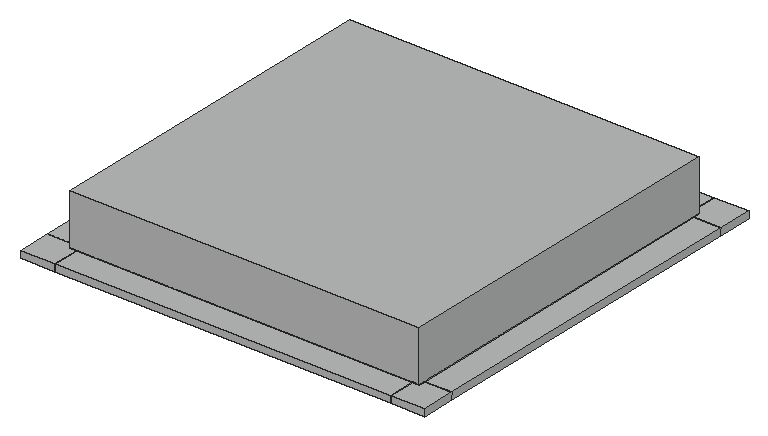
Revit family "ALUMOGIPS", category Осветительные приборы, Revit 2019 (continued)
Types (72, lengths in mm): name | Файл фотометрической сетки | built-in parameter 1150105 | Lumens | built-in parameter 1150106 | built-in parameter 1150142 | Wattage | Emit from Rectangle Width | Emit from Rectangle Length | Длина | Материал светильника | Ширина | ADSK_Ток | ADSK_Полная мощность | ADSK_Обозначение | ADSK_Номинальная мощность | ADSK_Наименование | ADSK_Масса | ADSK_Код изделия
    157 2.059 2.059 1.960 1.862 \r\n1.764 1.667 1.569 1.470 1.470 1.372 1.274 1.177 1.078 0.980 0.882 0.882 0.784 0.687 0.588 0.490 0.392 0.294 0.294 0.196 0.098 0.000 \r\n2755.907 2756.102 2750.516 2742.478 2726.793 2707.875 2684.742 2656.022 2623.674 2585.641 2542.609 2496.833 2448.116 2395.575 2338.624 2279.027 2217.664 2151.205 \r\n2083.275 2012.993 1940.750 1866.351 1789.893 1711.966 1632.273 1550.915 1468.575 1385.060 1298.604 1210.776 1124.908 1038.158 951.211 864.462 777.614 691.942 606.957 523.637 \r\n442.670 364.546 290.147 219.963 152.818 92.435 38.327 3.823 3.725 3.627 3.529 3.431 3.332 3.332 3.234 3.137 3.039 2.941 2.842 2.744 2.744 2.647 2.549 2.450 2.352 2.254 2.157 2.157 2.059 1.960 1.862 \r\n1.764 1.667 1.569 1.470 1.470 1.372 1.274 1.177 1.078 0.980 0.882 0.882 0.784 0.687 0.588 0.490 0.392 0.294 0.294 0.196 0.098 0.000 \r\n2755.907 2756.200 2750.614 2742.771 2727.088 2708.268 2685.330 2656.610 2624.360 2586.327 2543.295 2497.518 2448.899 2396.360 2339.506 2279.909 2218.644 2152.185 \r\n2084.255 2013.974 1941.731 1867.331 1790.873 1712.946 1633.253 1551.895 1469.457 1385.942 1299.486 1211.658 1125.692 1038.844 951.898 865.050 778.201 692.432 607.348 523.931 \r\n442.964 364.743 290.343 220.061 152.916 92.533 38.425 3.823 3.725 3.627 3.529 3.431 3.332 3.332 3.234 3.137 3.039 2.941 2.842 2.744 2.744 2.647 2.549 2.450 2.352 2.254 2.157 2.157 2.059 1.960 1.862 \r\n1.764 1.667 1.569 1.470 1.470 1.372 1.274 1.177 1.078 0.980 0.882 0.882 0.784 0.687 0.588 0.490 0.392 0.294 0.294 0.196 0.098 0.000 \r\n2755.907 2756.299 2750.711 2742.968 2727.382 2708.660 2685.821 2657.100 2624.948 2587.013 2543.982 2498.303 2449.684 2397.242 2340.388 2280.791 2219.624 2153.166 \r\n2085.235 2014.954 1942.711 1868.312 1791.854 1713.926 1634.135 1552.777 1470.437 1386.726 1300.368 1212.442 1126.378 1039.530 952.486 865.638 778.692 692.922 607.740 524.225 \r\n443.259 364.938 290.441 220.159 153.013 92.533 38.425 3.823 3.725 3.627 3.529 3.431 3.332 3.332 3.234 3.137 3.039 2.941 2.842 2.744 2.744 2.647 2.549 2.450 2.352 2.254 2.157 2.157 2.059 1.960 1.862 \r\n1.764 1.667 1.569 1.569 1.470 1.372 1.274 1.177 1.078 0.980 0.882 0.882 0.784 0.687 0.588 0.490 0.392 0.294 0.294 0.196 0.098 0.000 \r\n2755.907 2756.397 2750.907 2743.261 2727.676 2709.052 2686.311 2657.687 2625.635 2587.700 2544.668 2498.989 2450.468 2398.124 2341.271 2281.673 2220.605 2154.047 \r\n2086.215 2015.836 1943.691 1869.292 1792.834 1714.906 1635.115 1553.757 1471.320 1387.608 1301.348 1213.227 1127.163 1040.314 953.173 866.226 779.182 693.314 608.132 524.519 \r\n443.552 365.134 290.637 220.257 153.013 92.632 38.523 3.823 3.725 3.627 3.529 3.431 3.332 3.332 3.234 3.137 3.039 2.941 2.842 2.744 2.744 2.647 2.549 2.450 2.352 2.254 2.157 2.157 2.059 1.960 1.862 \r\n1.764 1.667 1.569 1.569 1.470 1.372 1.274 1.177 1.078 0.980 0.882 0.882 0.784 0.687 0.588 0.490 0.392 0.294 0.294 0.196 0.098 0.000 \r\n2755.907 2756.495 2751.006 2743.556 2727.970 2709.443 2686.899 2658.276 2626.320 2588.484 2545.255 2499.773 2451.252 2399.006 2342.153 2282.556 2221.585 2155.028 \r\n2087.196 2016.816 1944.769 1870.370 1793.814 1715.886 1636.095 1554.639 1472.202 1388.490 1302.231 1214.109 1127.946 1041.000 953.858 866.814 779.672 693.804 608.524 524.912 \r\n443.749 365.330 290.833 220.355 153.111 92.632 38.523 3.823 3.725 3.627 3.529 3.431 3.431 3.332 3.234 3.137 3.039 2.941 2.842 2.744 2.744 2.647 2.549 2.450 2.352 2.254 2.157 2.157 2.059 1.960 1.862 \r\n1.764 1.667 1.569 1.569 1.470 1.372 1.274 1.177 1.078 0.980 0.882 0.882 0.784 0.687 0.588 0.490 0.392 0.294 0.294 0.196 0.098 0.000 \r\n2755.907 2756.592 2751.104 2743.850 2728.264 2709.934 2687.389 2658.864 2627.007 2589.170 2545.942 2500.459 2452.036 2399.790 2343.035 2283.438 2222.565 2156.008 \r\n2088.079 2017.796 1945.750 1871.350 1794.794 1716.867 1637.076 1555.619 1473.182 1389.372 1303.113 1214.892 1128.633 1041.687 954.446 867.402 780.260 694.294 608.917 525.205 \r\n444.042 365.625 291.029 220.453 153.209 92.730 38.621 3.823 3.725 3.627 3.529 3.431 3.431 3.332 3.234 3.137 3.039 2.941 2.842 2.744 2.744 2.647 2.549 2.450 2.352 2.254 2.157 2.157 2.059 1.960 1.862 \r\n1.764 1.667 1.569 1.569 1.470 1.372 1.274 1.177 1.078 0.980 0.882 0.882 0.784 0.687 0.588 0.490 0.392 0.294 0.294 0.196 0.098 0.000 \r\n2755.907 2756.789 2751.201 2744.046 2728.558 2710.326 2687.879 2659.354 2627.693 2589.856 2546.629 2501.244 2452.820 2400.672 2343.917 2284.320 2223.545 2156.890 \r\n2089.059 2018.776 1946.730 1872.330 1795.774 1717.847 1638.056 1556.501 1474.064 1390.255 1304.093 1215.677 1129.417 1042.373 955.133 867.991 780.750 694.686 609.309 525.499 \r\n444.337 365.820 291.128 220.551 153.308 92.730 38.719 3.823 3.725 3.627 3.529 3.431 3.431 3.332 3.234 3.137 3.039 2.941 2.842 2.842 2.744 2.647 2.549 2.450 2.352 2.254 2.157 2.157 2.059 1.960 1.862 \r\n1.764 1.667 1.569 1.569 1.470 1.372 1.274 1.177 1.078 0.980 0.980 0.882 0.784 0.687 0.588 0.490 0.392 0.294 0.294 0.196 0.098 0.000 \r\n2755.907 2756.887 2751.398 2744.340 2728.852 2710.718 2688.466 2659.943 2628.281 2590.542 2547.314 2501.930 2453.605 2401.554 2344.799 2285.201 2224.525 2157.870 \r\n2090.039 2019.756 1947.710 1873.310 1796.853 1718.827 1638.939 1557.481 1474.946 1391.137 1304.975 1216.559 1130.201 1043.157 955.720 868.481 781.240 695.176 609.701 525.794 \r\n444.631 366.016 291.323 220.649 153.406 92.827 38.719 3.823 3.725 3.627 3.529 3.431 3.431 3.332 3.234 3.137 3.039 2.941 2.842 2.842 2.744 2.647 2.549 2.450 2.352 2.254 2.157 2.157 2.059 1.960 1.862 \r\n1.764 1.667 1.569 1.569 1.470 1.372 1.274 1.177 1.078 0.980 0.980 0.882 0.784 0.687 0.588 0.490 0.392 0.294 0.294 0.196 0.098 0.000 \r\n2755.907 2756.985 2751.496 2744.634 2729.244 2711.110 2688.957 2660.531 2628.967 2591.228 2548.001 2502.616 2454.389 2402.339 2345.682 2286.084 2225.506 2158.850 \r\n2091.019 2020.737 1948.690 1874.290 1797.833 1719.807 1639.919 1558.364 1475.926 1392.019 1305.955 1217.343 1130.887 1043.843 956.407 869.069 781.730 695.568 610.093 526.185 \r\n444.827 366.213 291.519 220.747 153.406 92.925 38.817 3.823 3.725 3.627 3.529 3.431 3.431 3.332 3.234 3.137 3.039 2.941 2.842 2.842 2.744 2.647 2.549 2.450 2.352 2.254 2.254 2.157 2.059 1.960 1.862 \r\n1.764 1.667 1.569 1.569 1.470 1.372 1.274 1.177 1.078 0.980 0.980 0.882 0.784 0.687 0.588 0.490 0.392 0.294 0.294 0.196 0.098 0.000 \r\n2755.907 2757.083 2751.594 2744.830 2729.539 2711.502 2689.545 2661.021 2629.654 2591.915 2548.687 2503.401 2455.271 2403.221 2346.564 2286.966 2226.486 2159.733 \r\n2091.999 2021.619 1949.769 1875.369 1798.813 1720.787 1640.899 1559.344 1476.809 1392.804 1306.837 1218.128 1131.672 1044.529 957.093 869.656 782.319 696.058 610.485 526.479 \r\n445.121 366.408 291.618 220.845 153.503 92.925 38.915 3.823 3.725 3.627 3.529 3.529 3.431 3.332 3.234 3.137 3.039 2.941 2.842 2.842 2.744 2.647 2.549 2.450 2.352 2.254 2.254 2.157 2.059 1.960 1.862 \r\n1.764 1.667 1.569 1.569 1.470 1.372 1.274 1.177 1.078 0.980 0.980 0.882 0.784 0.687 0.588 0.490 0.392 0.294 0.294 0.196 0.098 0.000 \r\n2755.907 2757.180 2751.691 2745.124 2729.832 2711.992 2690.035 2661.608 2630.339 2592.601 2549.373 2504.086 2456.055 2404.103 2347.348 2287.848 2227.466 2160.713 \r\n2092.980 2022.599 1950.749 1876.349 1799.793 1721.768 1641.879 1560.226 1477.691 1393.686 1307.720 1219.010 1132.456 1045.215 957.681 870.245 782.809 696.548 610.877 526.774 \r\n445.414 366.605 291.813 220.943 153.601 93.024 38.915 3.823 3.725 3.627 3.529 3.529 3.431 3.332 3.234 3.137 3.039 2.941 2.842 2.842 2.744 2.647 2.549 2.450 2.352 2.254 2.254 2.157 2.059 1.960 1.862 \r\n1.764 1.667 1.569 1.569 1.470 1.372 1.274 1.177 1.078 0.980 0.980 0.882 0.784 0.687 0.588 0.490 0.392 0.294 0.294 0.196 0.098 0.000 \r\n2755.907 2757.279 2751.789 2745.418 2730.127 2712.384 2690.525 2662.197 2631.026 2593.287 2550.059 2504.871 2456.839 2404.985 2348.231 2288.730 2228.446 2161.694 \r\n2093.960 2023.579 1951.729 1877.329 1800.774 1722.846 1642.860 1561.207 1478.672 1394.568 1308.701 1219.793 1133.142 1046.000 958.367 870.833 783.299 696.941 611.269 527.067 \r\n445.709 366.800 292.010 221.041 153.700 93.024 39.013 3.823 3.725 3.627 3.529 3.529 3.431 3.332 3.234 3.137 3.039 2.941 2.941 2.842 2.744 2.647 2.549 2.450 2.352 2.254 2.254 2.157 2.059 1.960 1.862 \r\n1.764 1.667 1.569 1.569 1.470 1.372 1.274 1.177 1.078 0.980 0.980 0.882 0.784 0.687 0.588 0.490 0.392 0.294 0.294 0.196 0.098 0.000 \r\n2755.907 2757.475 2751.986 2745.615 2730.420 2712.777 2691.113 2662.785 2631.614 2593.973 2550.648 2505.556 2457.624 2405.770 2349.113 2289.612 2229.426 2162.576 \r\n2094.842 2024.559 1952.709 1878.309 1801.754 1723.826 1643.742 1562.089 1479.554 1395.450 1309.583 1220.578 1133.926 1046.685 958.956 871.421 783.789 697.431 611.661 527.459 \r\n445.905 366.997 292.108 221.237 153.798 93.122 39.013 3.823 3.725 3.627 3.529 3.529 3.431 3.332 3.234 3.137 3.039 2.941 2.941 2.842 2.744 2.647 2.549 2.450 2.352 2.254 2.254 2.157 2.059 1.960 1.862 \r\n1.764 1.667 1.667 1.569 1.470 1.372 1.274 1.177 1.078 0.980 0.980 0.882 0.784 0.687 0.588 0.490 0.392 0.294 0.294 0.196 0.098 0.000 \r\n2755.907 2757.573 2752.084 2745.908 2730.715 2713.169 2691.603 2663.275 2632.300 2594.659 2551.333 2506.341 2458.408 2406.652 2349.995 2290.495 2230.407 2163.556 \r\n2095.822 2025.539 1953.788 1879.388 1802.734 1724.806 1644.722 1563.069 1480.436 1396.332 1310.465 1221.460 1134.711 1047.372 959.642 872.010 784.279 697.921 612.053 527.754 \r\n446.199 367.193 292.303 221.335 153.798 93.122 39.111 3.823 3.725 3.627 3.627 3.529 3.431 3.332 3.234 3.137 3.039 2.941 2.941 2.842 2.744 2.647 2.549 2.450 2.352 2.254 2.254 2.157 2.059 1.960 1.862 \r\n1.764 1.667 1.667 1.569 1.470 1.372 1.274 1.177 1.078 0.980 0.980 0.882 0.784 0.687 0.588 0.490 0.392 0.294 0.294 0.196 0.098 0.000 \r\n2755.907 2757.671 2752.181 2746.202 2731.009 2713.561 2692.094 2663.863 2632.986 2595.346 2552.020 2507.027 2459.192 2407.534 2350.877 2291.377 2231.387 2164.536 \r\n2096.802 2026.520 1954.768 1880.368 1803.714 1725.787 1645.702 1563.951 1481.416 1397.215 1311.445 1222.245 1135.396 1048.058 960.229 872.500 784.867 698.313 612.446 528.048 \r\n446.493 367.487 292.500 221.433 153.896 93.220 39.209 3.823 3.725 3.627 3.627 3.529 3.431 3.332 3.234 3.137 3.039 2.941 2.941 2.842 2.744 2.647 2.549 2.450 2.352 2.254 2.254 2.157 2.059 1.960 1.862 \r\n1.764 1.667 1.667 1.569 1.470 1.372 1.274 1.177 1.078 0.980 0.980 0.882 0.784 0.687 0.588 0.490 0.392 0.294 0.294 0.196 0.098 0.000 \r\n2755.907 2757.769 2752.279 2746.497 2731.302 2713.953 2692.682 2664.452 2633.673 2596.031 2552.705 2507.713 2459.976 2408.417 2351.759 2292.259 2232.368 2165.418 \r\n2097.782 2027.403 1955.748 1881.348 1804.694 1726.767 1646.682 1564.931 1482.299 1398.097 1312.327 1223.029 1136.181 1048.842 960.916 873.088 785.357 698.803 612.838 528.342 \r\n446.788 367.683 292.598 221.532 153.993 93.220 39.209 3.823 3.725 3.627 3.627 3.529 3.431 3.332 3.234 3.137 3.039 2.941 2.941 2.842 2.744 2.647 2.549 2.450 2.352 2.352 2.254 2.157 2.059 1.960 1.862 \r\n1.764 1.667 1.667 1.569 1.470 1.372 1.274 1.177 1.078 0.980 0.980 0.882 0.784 0.687 0.588 0.490 0.392 0.294 0.294 0.196 0.098 0.000 \r\n2755.907 2757.867 2752.378 2746.692 2731.695 2714.443 2693.172 2665.040 2634.358 2596.718 2553.392 2508.497 2460.760 2409.200 2352.642 2293.141 2233.348 2166.398 \r\n2098.763 2028.383 1956.728 1882.328 1805.773 1727.747 1647.662 1565.814 1483.181 1398.881 1313.307 1223.911 1136.965 1049.529 961.603 873.675 785.848 699.195 613.230 528.734 \r\n446.983 367.879 292.793 221.629 154.091 93.317 39.307 3.823 3.725 3.627 3.627 3.529 3.431 3.332 3.234 3.137 3.039 2.941 2.941 2.842 2.744 2.647 2.549 2.450 2.352 2.352 2.254 2.157 2.059 1.960 1.862 \r\n1.764 1.667 1.667 1.569 1.470 1.372 1.274 1.177 1.078 0.980 0.980 0.882 0.784 0.687 0.588 0.490 0.392 0.294 0.294 0.196 0.098 0.000 \r\n2755.907 2757.965 2752.574 2746.987 2731.989 2714.835 2693.662 2665.530 2635.045 2597.404 2554.078 2509.184 2461.545 2410.082 2353.524 2294.024 2234.328 2167.378 \r\n2099.743 2029.363 1957.708 1883.309 1806.753 1728.727 1648.643 1566.794 1484.161 1399.764 1314.190 1224.695 1137.651 1050.214 962.190 874.264 786.338 699.685 613.621 529.028 \r\n447.278 368.075 292.990 221.727 154.190 93.415 39.405 3.823 3.725 3.627 3.627 3.529 3.431 3.332 3.234 3.137 3.039 3.039 2.941 2.842 2.744 2.647 2.549 2.450 2.352 2.352 2.254 2.157 2.059 1.960 1.862 \r\n1.764 1.667 1.667 1.569 1.470 1.372 1.274 1.177 1.078 0.980 0.980 0.882 0.784 0.687 0.588 0.490 0.392 0.294 0.294 0.196 0.098 0.000 \r\n2755.907 2758.161 2752.671 2747.280 2732.283 2715.227 2694.250 2666.117 2635.633 2598.090 2554.764 2509.967 2462.329 2410.964 2354.406 2294.906 2235.309 2168.359 \r\n2100.625 2030.343 1958.787 1884.387 1807.733 1729.707 1649.525 1567.676 1485.043 1400.646 1315.072 1225.479 1138.435 1050.901 962.876 874.852 786.926 700.176 614.013 529.323 \r\n447.571 368.272 293.088 221.825 154.190 93.415 39.405 3.823 3.725 3.725 3.627 3.529 3.431 3.332 3.234 3.137 3.039 3.039 2.941 2.842 2.744 2.647 2.549 2.450 2.352 2.352 2.254 2.157 2.059 1.960 1.862 \r\n1.764 1.667 1.667 1.569 1.470 1.372 1.274 1.177 1.078 0.980 0.980 0.882 0.784 0.687 0.588 0.490 0.392 0.294 0.294 0.196 0.098 0.000 \r\n2755.907 2758.259 2752.770 2747.477 2732.577 2715.619 2694.741 2666.706 2636.319 2598.776 2555.352 2510.654 2463.113 2411.749 2355.190 2295.788 2236.289 2169.241 \r\n2101.605 2031.323 1959.767 1885.367 1808.713 1730.687 1650.505 1568.656 1485.925 1401.528 1316.052 1226.361 1139.219 1051.684 963.465 875.440 787.416 700.567 614.406 529.616 \r\n447.866 368.467 293.283 221.923 154.288 93.514 39.504 3.823 3.725 3.725 3.627 3.529 3.431 3.332 3.234 3.137 3.039 3.039 2.941 2.842 2.744 2.647 2.549 2.450 2.352 2.352 2.254 2.157 2.059 1.960 1.862 \r\n1.764 1.667 1.667 1.569 1.470 1.372 1.274 1.177 1.078 0.980 0.980 0.882 0.784 0.687 0.588 0.490 0.392 0.294 0.294 0.196 0.098 0.000 \r\n2755.907 2758.357 2752.868 2747.770 2732.871 2716.011 2695.329 2667.294 2637.005 2599.462 2556.039 2511.438 2463.897 2412.631 2356.072 2296.670 2237.269 2170.221 \r\n2102.585 2032.205 1960.747 1886.347 1809.694 1731.668 1651.485 1569.538 1486.905 1402.410 1316.934 1227.146 1139.905 1052.371 964.150 876.029 787.906 701.057 614.798 530.008 \r\n448.061 368.663 293.480 222.022 154.386 93.514 39.504 3.823 3.725 3.725 3.627 3.529 3.431 3.332 3.234 3.137 3.039 3.039 2.941 2.842 2.744 2.647 2.549 2.450 2.352 2.352 2.254 2.157 2.059 1.960 1.862 \r\n1.764 1.667 1.667 1.569 1.470 1.372 1.274 1.177 1.078 0.980 0.980 0.882 0.784 0.687 0.588 0.490 0.392 0.294 0.294 0.196 0.098 0.000 \r\n2755.907 2758.455 2753.064 2748.065 2733.166 2716.501 2695.819 2667.784 2637.692 2600.247 2556.724 2512.124 2464.681 2413.513 2356.954 2297.552 2238.249 2171.202 \r\n2103.565 2033.186 1961.727 1887.328 1810.674 1732.648 1652.465 1570.518 1487.788 1403.292 1317.816 1227.930 1140.689 1053.058 964.837 876.519 788.396 701.548 615.190 530.303 \r\n448.356 368.859 293.578 222.119 154.483 93.612 39.601 3.823 3.725 3.725 3.627 3.529 3.431 3.332 3.234 3.137 3.039 3.039 2.941 2.842 2.744 2.647 2.549 2.450 2.352 2.352 2.254 2.157 2.059 1.960 1.862 \r\n1.764 1.667 1.667 1.569 1.470 1.372 1.274 1.177 1.078 0.980 0.980 0.882 0.784 0.687 0.588 0.490 0.392 0.294 0.294 0.196 0.098 0.000 \r\n2755.907 2758.554 2753.161 2748.260 2733.459 2716.893 2696.309 2668.372 2638.377 2600.932 2557.411 2512.908 2465.466 2414.396 2357.836 2298.435 2239.229 2172.084 \r\n2104.547 2034.166 1962.708 1888.308 1811.654 1733.628 1653.446 1571.400 1488.670 1404.175 1318.796 1228.811 1141.474 1053.841 965.425 877.106 788.985 701.940 615.582 530.596 \r\n448.650 369.055 293.774 222.217 154.582 93.612 39.699 3.823 3.823 3.725 3.627 3.529 3.431 3.332 3.234 3.137 3.137 3.039 2.941 2.842 2.744 2.647 2.549 2.450 2.450 2.352 2.254 2.157 2.059 1.960 1.862 \r\n1.764 1.764 1.667 1.569 1.470 1.372 1.274 1.177 1.078 1.078 0.980 0.882 0.784 0.687 0.588 0.490 0.392 0.392 0.294 0.196 0.098 0.000 \r\n2755.907 2758.455 2753.064 2748.065 2733.166 2716.501 2695.819 2667.784 2637.692 2600.247 2556.724 2512.124 2464.681 2413.513 2356.954 2297.552 2238.249 2171.202 \r\n2103.565 2033.186 1961.727 1887.328 1810.674 1732.648 1652.465 1570.518 1487.788 1403.292 1317.816 1227.930 1140.689 1053.058 964.837 876.519 788.396 701.548 615.190 530.
